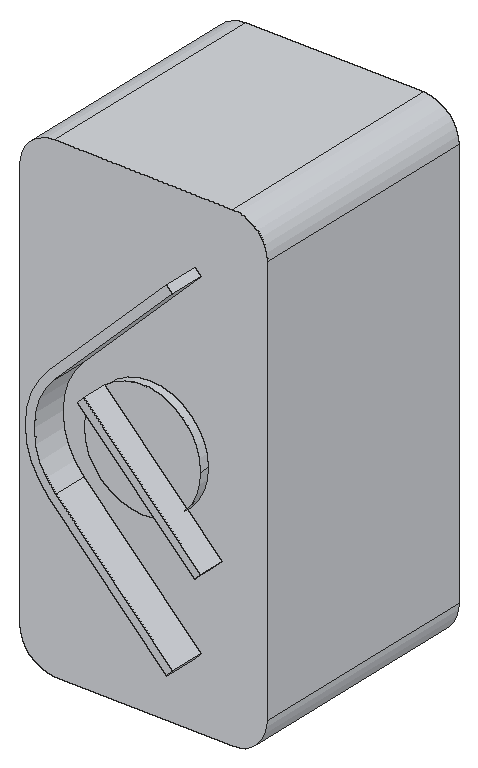
Revit family "EP_Triple Pole & Neutral Isolator", category Electrical Fixtures, Revit 2013
Parameters (values of type "TPN Isolator-wp")
  Width = 85 mm
  Load Classification [instance] = CWBP
  Height = 165 mm
  Depth = 82 mm
  Apparent Load [instance] = 0 W
Reference planes
  plane 1 "Center (Front/Back)": y = 0
  plane 2: z = 0
  plane 3 "Center (Left/Right)": x = 0
  plane 4: x = -42.5
  plane 5: x = 42.5
  plane 6 "Front": y = -82
  plane 7: z = 165
Forms (mm)
  Extrusion 1, solid
    sketch origin (0, 0, 0) x (1, 0, 0) y (0, 0, 1)
      loop
        arc (-42.5, 12) -> (-38.985, 3.515) -> (-30.5, 0) r 12
        line (-30.5, 0) -> (30.5, 0)
        arc (30.5, 0) -> (38.985, 3.515) -> (42.5, 12) r 12
        line (42.5, 12) -> (42.5, 153)
        arc (42.5, 153) -> (38.985, 161.485) -> (30.5, 165) r 12
        line (30.5, 165) -> (-30.5, 165)
        arc (-30.5, 165) -> (-38.985, 161.485) -> (-42.5, 153) r 12
        line (-42.5, 153) -> (-42.5, 12)
    from 0 to 82 <- "Depth"
  Extrusion 2, solid
    sketch origin (0, -82, 0) x (-1, 0, 0) y (0, 0, 1)
      loop
        line (22.701, 102.299) -> (-17.604, 142.604) -> (-19.725, 140.483) -> (20.58, 100.178)
        arc (20.58, 100.178) -> (27.902, 82.5) -> (20.58, 64.822) r 25
        line (20.58, 64.822) -> (-19.725, 24.517) -> (-17.604, 22.396) -> (22.701, 62.701)
        arc (22.701, 62.701) -> (30.902, 82.5) -> (22.701, 102.299) r 28
    from 0 to -12
  Extrusion 3, solid
    sketch origin (0, -82, 0) x (-1, 0, 0) y (0, 0, 1)
      loop
        circle (-2.098, 82.5) r 20
    from 0 to -3
  Extrusion 4, solid
    sketch origin (-57.722, -82, 25.647) x (-0.707107, 0, 0.707107) y (0.707107, 0, 0.707107)
      loop
        line (17.902, 84) -> (-38.92, 84) -> (-38.92, 81) -> (17.902, 81) -> (17.902, 84)
    from -12 to -3
  Extrusion 5, solid
    sketch origin (-20, 0, 0) x (1, 0, 0) y (0, 1, 0)
      loop
        circle (0, -41.508) r 8
      loop
        circle (0, -41.508) r 10
    from 0 to -3
  Extrusion 6, solid
    sketch origin (20, 0, 0) x (1, 0, 0) y (0, 1, 0)
      loop
        circle (0, -41.508) r 8
      loop
        circle (0, -41.508) r 10
    from 0 to -3
Lines and regions (mm)
  model lines
    curve 1: circle (-28.947, -82, 152.662) r 5 normal (0, 1, 0)
    curve 2: line (-33.947, -82, 152.662) -> (-23.947, -82, 152.662)
    curve 3: circle (28.947, -82, 152.662) r 5 normal (0, -1, 0)
    curve 4: line (33.947, -82, 152.662) -> (23.947, -82, 152.662)
    curve 5: circle (-28.947, -82, 12.338) r 5 normal (0, -1, 0)
    curve 6: line (-33.947, -82, 12.338) -> (-23.947, -82, 12.338)
    curve 7: circle (28.947, -82, 12.338) r 5 normal (0, 1, 0)
    curve 8: line (33.947, -82, 12.338) -> (23.947, -82, 12.338)
Dimensions and locks
  "Height": plane 7 to level
  "Width": plane 4 to plane 5
  equal spacing: plane 4, plane 3 "Center (Left/Right)", plane 5
  "Depth": plane 1 "Center (Front/Back)" to plane 6 "Front"
  aligned and locked: level to plane 2
Automatic sketch dimensions
  Extrusion 1 sketch curve to plane 4 = 0 mm
  Extrusion 1 sketch curve to level = 0 mm
  Extrusion 1 sketch curve to plane 7 = 0 mm
  Extrusion 1 sketch curve to plane 5 = 0 mm
  level to Extrusion 1 sketch curve = 12 mm
  plane 4 to Extrusion 1 sketch curve = 12 mm
  Extrusion 1 sketch curve to plane 5 = 12 mm  (x2)
  Extrusion 2 sketch curve to Extrusion 2 sketch curve = 0 mm  (x2)
  plane 3 "Center (Left/Right)" to Extrusion 2 sketch curve = 19.725 mm  (x2)
  level to Extrusion 2 sketch curve = 22.396 mm
  Extrusion 2 sketch curve to Extrusion 2 sketch curve = 2.121 mm  (x5)
  Extrusion 2 sketch curve to plane 3 "Center (Left/Right)" = 20.58 mm  (x2)
  Extrusion 2 sketch curve to plane 3 "Center (Left/Right)" = 2.902 mm
  Extrusion 2 sketch curve to Extrusion 2 sketch curve = 35.355 mm
  plane 3 "Center (Left/Right)" to Extrusion 3 sketch curve = 2.098 mm
  level to Extrusion 3 sketch curve = 82.5 mm
  Extrusion 4 sketch curve to plane 5 = 13.304 mm
  level to Extrusion 4 sketch curve = 57.524 mm
  Extrusion 4 sketch curve to plane 3 "Center (Left/Right)" = 13.105 mm
  Extrusion 4 sketch curve to plane 7 = 69.419 mm
  curve 8 to plane 5 = 8.553 mm
  curve 4 to plane 5 = 8.553 mm
  curve 4 to curve 3 = 5 mm
  curve 8 to curve 7 = 5 mm
  plane 4 to curve 2 = 18.553 mm
  plane 4 to curve 6 = 18.553 mm
  curve 6 to curve 5 = 5 mm
  curve 2 to curve 1 = 5 mm
  level to curve 5 = 12.338 mm
  level to curve 8 = 12.338 mm
  curve 7 to curve 8 = 0 mm
  curve 6 to curve 5 = 0 mm
  curve 4 to plane 7 = 12.338 mm
  curve 3 to curve 4 = 0 mm
  curve 2 to plane 7 = 12.338 mm
  curve 1 to curve 2 = 0 mm
  Extrusion 5 sketch curve to Extrusion 5 sketch curve = 0 mm  (x2)
  plane 4 to Extrusion 5 sketch curve = 22.5 mm
  plane 6 "Front" to Extrusion 5 sketch curve = 40.492 mm
  Extrusion 6 sketch curve to Extrusion 6 sketch curve = 0 mm  (x2)
  Extrusion 6 sketch curve to plane 5 = 22.5 mm
  plane 6 "Front" to Extrusion 6 sketch curve = 40.492 mm
  radius of Extrusion 3 sketch curve = 20 mm
  radius of Extrusion 5 sketch curve = 8 mm
  radius of Extrusion 5 sketch curve = 10 mm
  radius of Extrusion 6 sketch curve = 8 mm
  radius of Extrusion 6 sketch curve = 10 mm
Nested families
  nested 1: "EP_TP_ISO" at (0, 0, 0), type "EP_TP_ISO"
Connectors
  electrical at (-20, -41.508, -3), driven by "Apparent Load", driven by "Load Classification"
    settings: on Extrusion 5, index 1, voltage 480 V, apparent load 0 VA, apparent load phase1 0 VA, apparent load phase2 0 VA, apparent load phase3 0 VA, power factor 1, load classification "CWBP", number of poles 3, system type 30, power factor state 1, is connector primary yes, connector utility no, sub classification motor no, connector description ""
Definition of nested family "EP_TP_ISO"
  Reference planes
    plane 1: y = 0
    plane 2: x = 0
  Lines and regions (mm)
    detail lines, style "Power Symbols"
      curve 1: line (-1.5, 0, 0) -> (1.5, 0, 0)
      curve 2: line (1.5, 0, 0) -> (1.5, 3, 0)
      curve 3: line (1.5, 3, 0) -> (-1.5, 3, 0)
      curve 4: line (-1.5, 3, 0) -> (-1.5, 0, 0)
      curve 5: line (0, 3, 0) -> (0, 4.5, 0)
      curve 6: line (0, 4.5, 0) -> (1.5, 4.5, 0)
      curve 7: line (-1.5, 3, 0) -> (1.5, 0, 0)
      curve 8: line (1.5, 3, 0) -> (-1.5, 0, 0)
